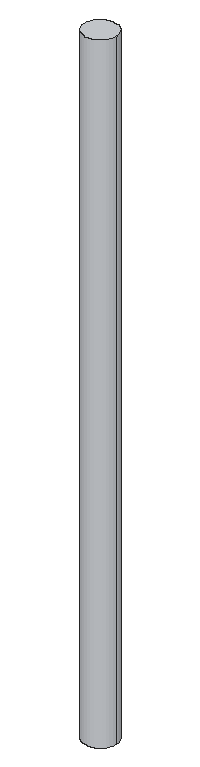
Revit family
Parameters (values of type "152mm 지름")
  지름 = 152.00 mm
  재료 = none
  간격띄우기 베이스 = 0.00 mm
  간격띄우기 상단 = 0.00 mm
Types (4, lengths in mm): name | 지름
  (no name) | 152.00
  152mm 지름 | 152.00
  305mm 지름 | 305.00
  610mm 지름 | 610.00
Reference planes
  plane 1: y = 0
  plane 2: z = 0
  plane 3: x = 0
  plane 4: x = -76
  plane 5: x = 76
  plane 6: y = 76
  plane 7: y = -76
  plane 8: z = 3000
  plane 9: z = 0
Forms (mm)
  Extrusion 1, solid, material <- "재료"
    sketch origin (0, 0, 0) x (1, 0, 0) y (0, 1, 0)
      loop
        arc (-76, 0) -> (0, -76) -> (76, 0) r 76
        arc (76, 0) -> (53.74, 53.74) -> (0, 76) r 76
        arc (0, 76) -> (-53.74, 53.74) -> (-76, 0) r 76
    from 0 to 3000
Dimensions and locks
  equal spacing: plane 4, plane 3, plane 5
  "지름": plane 4 to plane 5
  equal spacing: plane 6, plane 1, plane 7
  "지름": plane 7 to plane 6
  "간격띄우기 베이스": plane 9 to level
  "간격띄우기 상단": level to plane 8
  aligned and locked: Extrusion 1 to plane 9
  aligned and locked: plane 8 to Extrusion 1
Automatic sketch dimensions
  Extrusion 1 sketch curve to plane 1 = 0.00 mm  (x2)
  Extrusion 1 sketch curve to plane 4 = 0.00 mm  (x2)
  Extrusion 1 sketch curve to plane 3 = 0.00 mm
